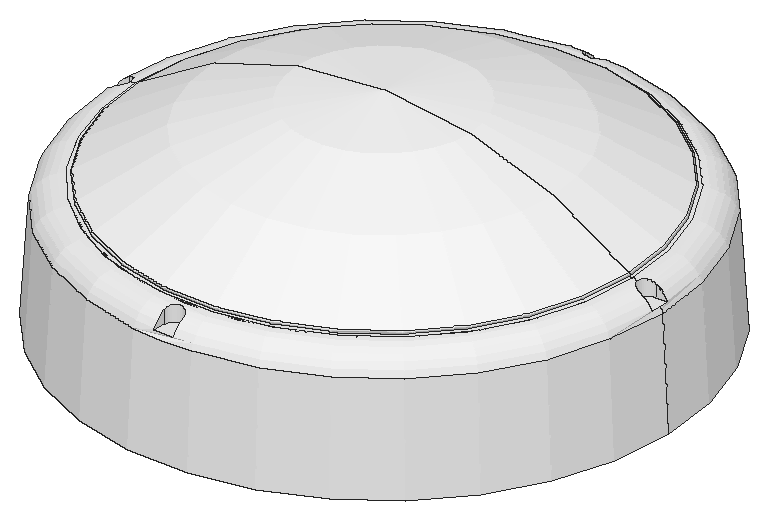
Revit family "4063833 Feilo Sylvania Lighting Fixtures STERLING BULKHEAD LED 3K SIL G2", category Lighting Fixtures, host Face, Revit 2017
Family settings
  Host = Face
  Round Connector Dimension = Use Diameter
  Part Type = Normal
  OmniClass Number = 23.80.70.00
  OmniClass Title = Lighting
  Cut with Voids When Loaded = No
  Light Source = Yes
  Shared = No
  Room Calculation Point = No
Parameters (values of type "4063833 STERLING BULKHEAD LED 3K SIL G2 High Efficiency ")
  Weight = "3.4 kg"
  Wattage Comments = "n/a"
  Wattage = 9 W
  WarrantyStartDate [instance] = "n/a"
  WarrantyGuarantorParts = "n/a"
  WarrantyDurationUnit = "n/a"
  WarrantyDurationParts = "n/a"
  WarrantyDescription = "n/a"
  built-in parameter 1150110 = 1 (stored number, unit not read)
  Voltage = 230 V
  URL = "http://www.sylvania-lighting.com"
  TypeName = "STERLING BULKHEAD LED 3K SIL G2"
  Type Image = <None>
  Type Comments = "n/a"
  built-in parameter 1114217 = 1 (stored number, unit not read)
  Tilt Angle = -90.00°
  built-in parameter 1150109 = 1 (stored number, unit not read)
  built-in parameter 1150134 = (empty or 0)
  built-in parameter 1150113 = 1 (stored number, unit not read)
  SerialNumber [instance] = "n/a"
  ReflectorMaterial = none
  PowerFactor = 0.98
  PowerConsumption = "9 W"
  Photometric Web File = "4063833-HE.ies"
  NominalLength = 350 mm
  NominalHeight = 350 mm
  NominalDepth = 128 mm
  Name = "STERLING BULKHEAD LED 3K SIL G2"
  ModelReference = Name  # "STERLING BULKHEAD LED 3K SIL G2"
  ModelNumber = "4063833"
  Model = Name  # "STERLING BULKHEAD LED 3K SIL G2"
  Material = "polycarbonate diffuser"
  ManufacturerName = "Feilo Sylvania"
  Manufacturer = "Feilo Sylvania"
  LuminousEfficacy = "78 lm/W"
  built-in parameter 1150105 = 55.863 (stored number, unit not read)
  Lumens = 702 lm
  LuminaireType = ""
  built-in parameter 1150115 = 1 (stored number, unit not read)
  LightOutputRatio = "100"
  built-in parameter 1150137 = (empty or 0)
  built-in parameter 1150139 = (empty or 0)
  LampsType = Lamp  # "LED"
  LampNominalLuminous = "684 lm"
  LampMacAdamStep = "n/a"
  LampColourTemperature = "3000 K"
  LampColourRenderingIndex = "80"
  built-in parameter 1150112 = 1 (stored number, unit not read)
  built-in parameter 1150114 = 1 (stored number, unit not read)
  Lamp = "LED"
  Keynote = "16500"
  InstallationDate [instance] = "n/a"
  InputVoltage = "230-240V~"
  InputNominalFrequency = "50/60 Hz"
  built-in parameter 1150132 = (empty or 0)
  built-in parameter 1150102 = (empty or 0)
  built-in parameter 1150107 = 3000 (stored number, unit not read)
  built-in parameter 1150138 = (empty or 0)
  IngressProtection = "IP65"
  ImpactProtectionIndex = "IK10"
  built-in parameter 1150106 = 0.55863 (stored number, unit not read)
  IfcExportType = "IfcLightFixtureType"
  IfcExportAs = "IfcLightFixtureType"
  ExpectedLife = 50000
  Emit from Circle Diameter = 280 mm
  Emit Shape Visible in Rendering = no
  ElectricShockClassification = "Class I"
  built-in parameter 1150104 = 7.2464 (stored number, unit not read)
  DurationUnit = "hours"
  DocumentationLiterature = "http://www.sylvania-lighting.com/product/en-int/products/4063833"
  DimmingControlOptions = "n/a"
  Dimming Lamp Color Temperature Shift = <None>
  DiffuserMaterial = Diffuser-Sylvania-SterlingBulkhead-Opal
  Description = "Led exterior bulkhead, Unique feature allowing a choice between High Output or High Efficiency with the flick of a switch, die-cast aluminium body, 684/1325LM, 9/17W, 76/78LM/W, 4000K, Driver Current: 350/750mA, CRI80, Non dimmable, IP65, IK10, 50,000hrs (L70), (HxWxD) 350 x 350 x 128mm, 3.4kg, 3 step MacAdam ellipse,  RAL 9006, Class 1, 230V,  energy class: A++, A+, A"
  Default Elevation = 1219.2 mm
  CreatedOn = "22/11/2017"
  CreatedBy = ""
  Cost = 0
  Color Filter = 16777215
  built-in parameter 1114216 [instance] = (empty or 0)
  ClassificationValue = "EF_70_80"
  ClassificationName = "Uniclass2015"
  BodyMaterial = Body-Sylvania-SterlingBulkhead-Silver
  BarCode [instance] = "n/a"
  built-in parameter 1114218 = 1 (stored number, unit not read)
  built-in parameter 1150133 = 10 (stored number, unit not read)
  AssetType = "Fixed"
  AssetIdentifier [instance] = "n/a"
  Assembly Code = "D5020200"
  Apparent Load = 9 VA
  AccessoryMaterial = none
Types (2, lengths in mm): name | Wattage | PowerConsumption | Photometric Web File | built-in parameter 1150105 | Lumens | LampNominalLuminous | built-in parameter 1150106 | Apparent Load
  4063833 STERLING BULKHEAD LED 3K SIL G2 High Efficiency | 9 W | "9 W" | "4063833-HE.ies" | 55.863 (stored number, unit not read) | 702 lm | "684 lm" | 0.55863 (stored number, unit not read) | 9 VA
  4063833 STERLING BULKHEAD LED 3K SIL G2 High Output | 17 W | "17 W" | "4063833-HO.ies" | 105.52 (stored number, unit not read) | 1326 lm | "1325 lm" | 1.0552 (stored number, unit not read) | 17 VA
Reference planes
  plane 1 "Center (Front/Back)": y = 0
  plane 2: z = 0
  plane 3 "Center (Left/Right)": x = 0
  plane 4: x = 175
  plane 5: x = -175
  plane 6: y = 175
  plane 7: y = -175
  plane 8: z = 128
  plane 9: z = 65
  plane 10: x = -153
  plane 11: x = 153
  plane 12: x = -171
  plane 13: x = 171
  plane 14: z = 78
  plane 15: x = -156
  plane 16: x = 156
  plane 17: y = -6
  plane 18: y = 6
  plane 19: z = 68
  plane 20: x = 6
  plane 21: x = -6
Forms (mm)
  Revolve 1, solid, material "Body-Sylvania-SterlingBulkhead-Silver" <- "BodyMaterial"
    sketch origin (0, 0, 0) x (1, 0, 0) y (0, 0, 1)
      loop
        line (0, 0) -> (0, 78) -> (-153, 78)
        arc (-153, 78) -> (-164.102, 74.41) -> (-171, 65) r 18.962
        line (-171, 65) -> (-175, 0) -> (0, 0)
      axis (0, 78) -> (0, 0)
    angle from 360 to 0
  Revolve 2, solid, material "Diffuser-Sylvania-SterlingBulkhead-Opal" <- "DiffuserMaterial"
    sketch origin (0, 0, 0) x (1, 0, 0) y (0, 0, 1)
      loop
        arc (0, 128) -> (-78.944, 115.68) -> (-150.381, 79.892) r 259.09
        arc (-150.381, 79.892) -> (-150.768, 78.725) -> (-149.775, 78) r 1.043
        line (-149.775, 78) -> (0, 78) -> (0, 128)
      axis (0, 128) -> (0, 78)
    angle from 360 to 0
  Extrusion 3, void
    sketch origin (1223.4, -4572, 78) x (-1, 0, 0) y (0, -1, 0)
      loop
        line (1398.4, -4578) -> (1398.4, -4566) -> (1385.424, -4566)
        arc (1385.424, -4566) -> (1379.424, -4572) -> (1385.424, -4578) r 6
        line (1385.424, -4578) -> (1398.4, -4578)
      loop
        line (1048.4, -4566) -> (1048.4, -4578) -> (1061.4, -4578)
        arc (1061.4, -4578) -> (1067.4, -4572) -> (1061.4, -4566) r 6
        line (1061.4, -4566) -> (1048.4, -4566)
      loop
        line (1229.4, -4747) -> (1229.4, -4734)
        arc (1229.4, -4734) -> (1223.4, -4728) -> (1217.4, -4734) r 6
        line (1217.4, -4734) -> (1217.4, -4747) -> (1229.4, -4747)
      loop
        line (1229.4, -4397) -> (1217.4, -4397) -> (1217.4, -4410)
        arc (1217.4, -4410) -> (1223.4, -4416) -> (1229.4, -4410) r 6
        line (1229.4, -4410) -> (1229.4, -4397)
    from 0 to -10
Cuts and joins
  Extrusion 3 cuts Revolve 1
Dimensions and locks
  equal spacing: plane 5, plane 3 "Center (Left/Right)", plane 4
  locked: plane 5 to plane 4 at 350
  equal spacing: plane 7, plane 1 "Center (Front/Back)", plane 6
  locked: plane 7 to plane 6 at 350
  locked: plane 8 to plane 2 at 128
  locked: plane 9 to plane 2 at 65
  equal spacing: plane 11, plane 3 "Center (Left/Right)", plane 10
  locked: plane 10 to plane 5 at 22
  equal spacing: plane 13, plane 3 "Center (Left/Right)", plane 12
  locked: plane 12 to plane 5 at 4
  locked: plane 14 to plane 9 at 13
  locked: plane 8 to Revolve 2 sketch curve at 259.09
  equal spacing: plane 15, plane 3 "Center (Left/Right)", plane 16
  locked: plane 15 to plane 10 at 3
  equal spacing: plane 17, plane 1 "Center (Front/Back)", plane 18
  locked: plane 17 to plane 1 "Center (Front/Back)" at 6
  locked: plane 5 to Extrusion 3 sketch curve at 18.976
  locked: Extrusion 3 sketch curve to plane 4 at 19
  plane 19 to plane 9 = 3 mm
  equal spacing: plane 21, plane 3 "Center (Left/Right)", plane 20
  locked: plane 21 to plane 3 "Center (Left/Right)" at 6
  locked: Extrusion 3 sketch curve to plane 6 at 19
  locked: plane 7 to Extrusion 3 sketch curve at 13
  aligned and locked: plane 2 to host face
  aligned and locked: level to host face
  aligned and locked: Revolve 1 sketch curve to plane 3 "Center (Left/Right)"  (x2)
  aligned and locked: level to Revolve 1 sketch curve
  aligned and locked: plane 9 to Revolve 1 sketch curve
  aligned and locked: plane 10 to Revolve 1 sketch curve  (x2)
  aligned and locked: plane 14 to Revolve 1 sketch curve
  aligned and locked: Revolve 2 sketch curve to plane 3 "Center (Left/Right)"
  aligned and locked: plane 14 to Revolve 2 sketch curve
  aligned and locked: plane 3 "Center (Left/Right)" to Revolve 2 sketch curve  (x2)
  aligned and locked: Extrusion 3 sketch curve to plane 5
  aligned and locked: plane 18 to Extrusion 3 sketch curve
  aligned and locked: plane 17 to Extrusion 3 sketch curve  (x2)
  aligned and locked: plane 1 "Center (Front/Back)" to Extrusion 3 sketch curve  (x2)
  aligned and locked: plane 4 to Extrusion 3 sketch curve
  aligned and locked: Extrusion 3 sketch curve to plane 18
  aligned and locked: Extrusion 3 to plane 14
  aligned and locked: plane 19 to Extrusion 3
  aligned and locked: plane 21 to Extrusion 3 sketch curve  (x2)
  aligned and locked: plane 6 to Extrusion 3 sketch curve
  aligned and locked: Extrusion 3 sketch curve to plane 20
  aligned and locked: plane 3 "Center (Left/Right)" to Extrusion 3 sketch curve  (x2)
  aligned and locked: plane 7 to Extrusion 3 sketch curve
  aligned and locked: plane 20 to Extrusion 3 sketch curve
  aligned and locked: plane 3 "Center (Left/Right)" to imposter light
  aligned and locked: imposter light to plane 8
  aligned and locked: imposter light to plane 1 "Center (Front/Back)"
Automatic sketch dimensions
  host sketch curve to host sketch curve = 2438.4 mm  (x2)
  Revolve 1 sketch curve to plane 5 = 0 mm
  Revolve 1 sketch curve to plane 12 = 0 mm
  Revolve 1 sketch curve to level = 609.6 mm
  Revolve 1 sketch curve to plane 8 = 2481.058 mm
  Revolve 2 sketch curve to plane 8 = 0 mm
  Revolve 2 sketch curve to Revolve 2 sketch curve = 0.605 mm
  Revolve 2 sketch curve to Revolve 2 sketch curve = 478.51 mm
  Revolve 2 sketch curve to Revolve 2 sketch curve = 2481.058 mm
  Revolve 2 sketch curve to plane 14 = 1.043 mm
Connectors
  electrical at (0, 0, 0), driven by "Apparent Load", driven by "PowerFactor", driven by "Voltage"
    settings: index 1, voltage 230 V, apparent load 9 VA, apparent load phase1 0 VA, apparent load phase2 0 VA, apparent load phase3 0 VA, power factor 0.98, load classification "Lighting", number of poles 1, system type 30, power factor state 1, is connector primary yes, connector utility no, sub classification motor no, connector description ""
